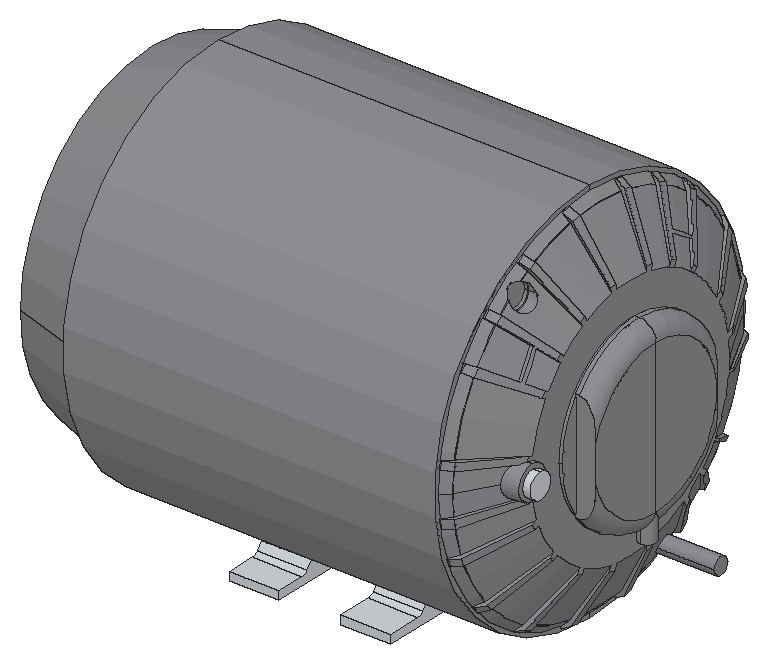
Revit family
Parameters (values of type "610 X 480")
  Outlet Pipe Radius = Outlet Pipe Diameter / 2  # 10 mm
  Heater Diameter = Height - 10 mm  # 470 mm
  Inlet Pipe Radius = Inlet Pipe Diameter / 2  # 10 mm
  Outlet Pipe Diameter = 20 mm
  Inlet Pipe Diameter = 20 mm
  URL = "http://www.autospec.co.za/browse.php?id=1937216687"
  Product Code = "ESG-050"
  Operating Pressure = 600 kPa
  OmniClass Title = ""
  OmniClass Number = ""
  Modspec Classification = ""
  Specification = ""
  Material = Galvanised Steel Black
  Mass = "21 Kg"
  Location (revit room) = ""
  Model = "Water Heater Horizontal And Vertical Slimline 600 Dual - 50 Litre"
  Manufacturer = "Kwikot"  # constant formula
  Length = 610 mm
  Height = 480 mm
  Element Rating = 2 kW
  Colour = none
  Capacity = 50.00 L
  Body Finish = none
  Base Mounting CRS = 135 mm
  Assembly Code = "D3010500"
Reference planes
  plane 1 "Center (Front/Back)": y = 0
  plane 2 "Bottom": z = 0
  plane 3 "Center (Left/Right)": x = 0
  plane 4 "Right": x = 610
  plane 5: y = 470
  plane 6 "Top": z = 480
  plane 7: x = 305
  plane 8: x = 530
  plane 9: x = 80
  plane 10: y = 235
  plane 11: x = 372.5
  plane 12: x = 237.5
  plane 13: z = 10
  plane 14: z = 245
  plane 15: y = 347.5
  plane 16: y = 122.5
  plane 17: x = 540
  plane 18: x = 580
Forms (mm)
  Extrusion 1, solid
    sketch origin (372.5, -1524, -304.8) x (0, 0, -1) y (0, -1, 0)
      loop
        line (-304.8, -1616.5) -> (-314.8, -1616.5) -> (-314.8, -1658.567)
        arc (-314.8, -1658.567) -> (-315.737, -1662.793) -> (-318.372, -1666.227) r 10
        line (-318.372, -1666.227) -> (-326.501, -1673.048)
        arc (-326.501, -1673.048) -> (-341.785, -1692.264) -> (-329.45, -1713.493) r 21.769
        arc (-329.45, -1713.493) -> (-325.46, -1776.227) -> (-338.982, -1837.617) r 225
        arc (-338.982, -1837.617) -> (-338.897, -1845.003) -> (-336.033, -1851.811) r 19.225
        line (-336.033, -1851.811) -> (-318.372, -1858.633)
        arc (-318.372, -1858.633) -> (-315.737, -1862.067) -> (-314.8, -1866.293) r 10
        line (-314.8, -1866.293) -> (-314.8, -1901.5) -> (-304.8, -1901.5) -> (-304.8, -1616.5)
    from -30 to 30
  Extrusion 2, solid, material "Galvanised Steel Black" <- "Material"
    sketch origin (610, -298.705, 1200) x (0, -1, 0) y (0, 0, 1)
      loop
        circle (-533.705, -955) r 110
    from 25 to 30
  Extrusion 3, solid, material "Galvanised Steel Black" <- "Material"
    sketch origin (540, -115.422, 1200) x (0, -1, 0) y (0, 0, 1)
      loop
        circle (-430.422, -1135) r 10
    from -85 to 0
  Extrusion 4, solid, material "Galvanised Steel Black" <- "Material"
    sketch origin (4267.2, -58.321, 240) x (0, -1, 0) y (1, 0, 0)
      loop
        circle (-293.321, -3667.2) r 10
    from -85 to -120
  Revolve 5, solid, material "Galvanised Steel Black" <- "Material"
    sketch origin (4267.2, 235, 635.249) x (0, 0, 1) y (1, 0, 0)
      loop
        line (-390.249, -4187.2) -> (-155.249, -4187.2) -> (-155.249, -3737.2) -> (-390.249, -3737.2) -> (-390.249, -4187.2)
      axis (-390.249, -3737.2) -> (-390.249, -4187.2)
    angle from 0 to 360
  Extrusion 6, solid
    sketch origin (237.5, -1524, -304.8) x (0, 0, -1) y (0, -1, 0)
      loop
        line (-314.8, -1901.5) -> (-304.8, -1901.5) -> (-304.8, -1616.5) -> (-314.8, -1616.5) -> (-314.8, -1651.707)
        arc (-314.8, -1651.707) -> (-315.737, -1655.933) -> (-318.372, -1659.367) r 10
        line (-318.372, -1659.367) -> (-326.501, -1666.189)
        arc (-326.501, -1666.189) -> (-329.74, -1671.289) -> (-329.45, -1677.325) r 10
        arc (-329.45, -1677.325) -> (-314.8, -1759) -> (-329.45, -1840.675) r 235
        arc (-329.45, -1840.675) -> (-329.74, -1846.711) -> (-326.501, -1851.811) r 10
        line (-326.501, -1851.811) -> (-318.372, -1858.633)
        arc (-318.372, -1858.633) -> (-315.737, -1862.067) -> (-314.8, -1866.293) r 10
        line (-314.8, -1866.293) -> (-314.8, -1901.5)
    from -30 to 30
  Revolve 7, solid, material "Galvanised Steel Black" <- "Material"
    sketch origin (4267.2, 235, 635.249) x (0, 0, 1) y (1, 0, 0)
      loop
        line (-390.249, -3682.2) -> (-277.749, -3682.2) -> (-277.749, -3677.2)
        arc (-277.749, -3677.2) -> (-283.606, -3663.058) -> (-297.749, -3657.2) r 20
        line (-297.749, -3657.2) -> (-390.249, -3657.2) -> (-390.249, -3682.2)
      axis (-390.249, -3682.2) -> (-390.249, -3657.2)
    angle from 0 to 360
  Blend 8, solid, material "Galvanised Steel Black" <- "Material"
    base sketch origin (80, -115.422, 1200) x (0, -1, 0) y (0, 0, 1)
      loop
        circle (-350.422, -955) r 225
    top sketch origin (80, -115.422, 1200) x (0, -1, 0) y (0, 0, 1)
      loop
        circle (-350.422, -955) r 200
    from 0 to 80
  Blend 9, solid, material "Galvanised Steel Black" <- "Material"
    base sketch origin (540, -115.422, 1200) x (0, -1, 0) y (0, 0, 1)
      loop
        circle (-350.422, -955) r 220
    top sketch origin (540, -115.422, 1200) x (0, -1, 0) y (0, 0, 1)
      loop
        circle (-350.422, -955) r 150
    from 0 to -40
  Extrusion 10, void
    sketch origin (610, -298.705, 1200) x (0, 1, 0) y (0, 0, 1)
      loop
        arc (443.705, -887.5) -> (421.205, -955) -> (443.705, -1022.5) r 112.5
        line (443.705, -1022.5) -> (443.705, -887.5)
      loop
        arc (626.49, -1021.286) -> (643.004, -989.955) -> (648.705, -955) r 110
        arc (648.705, -955) -> (643.007, -919.65) -> (626.49, -887.881) r 112.5
        line (626.49, -887.881) -> (626.49, -1021.286)
    from 0 to -25
  Extrusion 11, solid, material "Galvanised Steel Black" <- "Material"
    sketch origin (540, -115.422, 1200) x (0, -1, 0) y (0, 0, 1)
      loop
        line (-373.887, -806.847) -> (-386.402, -727.832)
        arc (-386.402, -727.832) -> (-391.349, -728.671) -> (-396.277, -729.617) r 230
        line (-396.277, -729.617) -> (-380.327, -808.011)
        arc (-380.327, -808.011) -> (-377.114, -807.394) -> (-373.887, -806.847) r 150
    from 10 to -40
  Extrusion 12, solid, material "Galvanised Steel Black" <- "Material"
    sketch origin (540, 886.843, 1025.975) x (0, -0.5, 0.866025) y (0, 0.866025, 0.5)
      loop
        line (-399.257, -813.172) -> (-425.303, -737.531)
        arc (-425.303, -737.531) -> (-430.029, -739.216) -> (-434.717, -741.004) r 230
        line (-434.717, -741.004) -> (-405.397, -815.437)
        arc (-405.397, -815.437) -> (-402.34, -814.271) -> (-399.257, -813.172) r 150
      loop
        line (-350.422, -805) -> (-350.422, -725)
        arc (-350.422, -725) -> (-355.44, -725.055) -> (-360.455, -725.219) r 230
        line (-360.455, -725.219) -> (-356.965, -805.143)
        arc (-356.965, -805.143) -> (-353.694, -805.036) -> (-350.422, -805) r 150
    from 10 to -40
  Extrusion 13, solid, material "Galvanised Steel Black" <- "Material"
    sketch origin (540, 1190, 595.422) x (0, 0, 1) y (0, 1, 0)
      loop
        line (-428.238, -826.763) -> (-469.74, -758.37)
        arc (-469.74, -758.37) -> (-471.878, -759.683) -> (-474.001, -761.02) r 230
        line (-474.001, -761.02) -> (-431.017, -828.491)
        arc (-431.017, -828.491) -> (-429.632, -827.62) -> (-428.238, -826.763) r 150
      loop
        line (-363.496, -805.571) -> (-370.468, -725.875)
        arc (-370.468, -725.875) -> (-372.966, -726.108) -> (-375.462, -726.367) r 230
        line (-375.462, -726.367) -> (-366.752, -805.892)
        arc (-366.752, -805.892) -> (-365.125, -805.722) -> (-363.496, -805.571) r 150
    from 10 to -40
  Extrusion 14, solid, material "Galvanised Steel Black" <- "Material"
    sketch origin (540, 1237.265, 70.975) x (0, 0.5, 0.866025) y (0, 0.866025, -0.5)
      loop
        line (-413.815, -819.054) -> (-447.624, -746.549)
        arc (-447.624, -746.549) -> (-452.149, -748.719) -> (-456.624, -750.988) r 230
        line (-456.624, -750.988) -> (-419.684, -821.948)
        arc (-419.684, -821.948) -> (-416.765, -820.469) -> (-413.815, -819.054) r 150
      loop
        line (-384.165, -808.844) -> (-402.161, -730.895)
        arc (-402.161, -730.895) -> (-407.037, -732.077) -> (-411.887, -733.365) r 230
        line (-411.887, -733.365) -> (-390.508, -810.455)
        arc (-390.508, -810.455) -> (-387.345, -809.615) -> (-384.165, -808.844) r 150
    from 10 to -40
  Extrusion 15, solid, material "Galvanised Steel Black" <- "Material"
    sketch origin (540, 585.422, -710) x (0, 1, 0) y (0, 0, -1)
      loop
        line (-373.887, -806.847) -> (-386.402, -727.832)
        arc (-386.402, -727.832) -> (-391.349, -728.671) -> (-396.277, -729.617) r 230
        line (-396.277, -729.617) -> (-380.327, -808.011)
        arc (-380.327, -808.011) -> (-377.114, -807.394) -> (-373.887, -806.847) r 150
      loop
        arc (-326.957, -806.847) -> (-323.731, -807.394) -> (-320.517, -808.011) r 150
        line (-320.517, -808.011) -> (-304.568, -729.617)
        arc (-304.568, -729.617) -> (-309.495, -728.671) -> (-314.442, -727.832) r 230
        line (-314.442, -727.832) -> (-326.957, -806.847)
    from 10 to -40
  Extrusion 16, solid, material "Galvanised Steel Black" <- "Material"
    sketch origin (540, 60.975, -757.265) x (0, 0.866025, -0.5) y (0, -0.5, -0.866025)
      loop
        line (-346.234, -805.058) -> (-344, -725.09)
        arc (-344, -725.09) -> (-349.017, -725.004) -> (-354.035, -725.028) r 230
        line (-354.035, -725.028) -> (-352.778, -805.019)
        arc (-352.778, -805.019) -> (-349.506, -805.003) -> (-346.234, -805.058) r 150
    from 10 to -40
  Extrusion 17, solid, material "Galvanised Steel Black" <- "Material"
    sketch origin (540, -416.843, -535.975) x (0, 0.5, -0.866025) y (0, -0.866025, -0.5)
      loop
        line (-372.594, -806.648) -> (-384.418, -727.526)
        arc (-384.418, -727.526) -> (-389.373, -728.322) -> (-394.308, -729.226) r 230
        line (-394.308, -729.226) -> (-379.044, -807.756)
        arc (-379.044, -807.756) -> (-375.825, -807.167) -> (-372.594, -806.648) r 150
      loop
        line (-320.763, -807.961) -> (-304.945, -729.541)
        arc (-304.945, -729.541) -> (-309.874, -728.603) -> (-314.822, -727.772) r 230
        line (-314.822, -727.772) -> (-327.205, -806.808)
        arc (-327.205, -806.808) -> (-323.978, -807.349) -> (-320.763, -807.961) r 150
    from 10 to -40
  Extrusion 18, solid, material "Galvanised Steel Black" <- "Material"
    sketch origin (540, -720, -105.422) x (0, 0, -1) y (0, -1, 0)
      loop
        line (-326.311, -806.951) -> (-313.451, -727.991)
        arc (-313.451, -727.991) -> (-318.412, -727.238) -> (-323.389, -726.594) r 230
        line (-323.389, -726.594) -> (-332.792, -806.04)
        arc (-332.792, -806.04) -> (-329.546, -806.46) -> (-326.311, -806.951) r 150
      loop
        arc (-374.534, -806.951) -> (-371.298, -806.46) -> (-368.053, -806.04) r 150
        line (-368.053, -806.04) -> (-377.456, -726.594)
        arc (-377.456, -726.594) -> (-382.432, -727.238) -> (-387.393, -727.991) r 230
        line (-387.393, -727.991) -> (-374.534, -806.951)
    from 10 to -40
  Extrusion 19, solid, material "Galvanised Steel Black" <- "Material"
    sketch origin (540, -767.265, 419.025) x (0, -0.5, -0.866025) y (0, -0.866025, 0.5)
      loop
        line (-389.245, -810.111) -> (-397.144, -780.63) -> (-361.221, -778.433) -> (-359.579, -805.28)
        arc (-359.579, -805.28) -> (-356.311, -805.116) -> (-353.04, -805.023) r 150
        line (-353.04, -805.023) -> (-354.436, -725.035)
        arc (-354.436, -725.035) -> (-359.452, -725.177) -> (-364.463, -725.429) r 230
        line (-364.463, -725.429) -> (-361.405, -775.439) -> (-397.937, -777.673) -> (-409.951, -732.837)
        arc (-409.951, -732.837) -> (-414.783, -734.189) -> (-419.585, -735.645) r 230
        line (-419.585, -735.645) -> (-395.528, -811.942)
        arc (-395.528, -811.942) -> (-392.397, -810.993) -> (-389.245, -810.111) r 150
    from 10 to -40
  Extrusion 20, solid, material "Galvanised Steel Black" <- "Material"
    sketch origin (540, -545.975, 896.843) x (0, -0.866025, -0.5) y (0, -0.5, 0.866025)
      loop
        line (-399.257, -813.172) -> (-425.303, -737.531)
        arc (-425.303, -737.531) -> (-430.029, -739.216) -> (-434.717, -741.004) r 230
        line (-434.717, -741.004) -> (-405.397, -815.437)
        arc (-405.397, -815.437) -> (-402.34, -814.271) -> (-399.257, -813.172) r 150
      loop
        line (-353.04, -805.023) -> (-354.436, -725.035)
        arc (-354.436, -725.035) -> (-359.452, -725.177) -> (-364.463, -725.429) r 230
        line (-364.463, -725.429) -> (-359.579, -805.28)
        arc (-359.579, -805.28) -> (-356.311, -805.116) -> (-353.04, -805.023) r 150
    from 10 to -40
  Revolve 21, void
    sketch origin (4267.2, 235, 635.249) x (0, 0, 1) y (1, 0, 0)
      loop
        line (-233.448, -3687.2) -> (-158.904, -3727.2) -> (-158.904, -3687.2) -> (-233.448, -3687.2)
      axis (-390.249, -3727.2) -> (-390.249, -3687.2)
    angle from 0 to 360
  Blend 22, solid, material "Galvanised Steel Black" <- "Material"
    base sketch origin (580, -1524, -304.8) x (0, 0, -1) y (0, -1, 0)
      loop
        circle (-549.8, -1603.132) r 20
    top sketch origin (580, -1524, -304.8) x (0, 0, -1) y (0, -1, 0)
      loop
        circle (-549.8, -1603.132) r 22.5
    from -5 to 18
  Blend 23, solid, material "Galvanised Steel Black"
    base sketch origin (530, -399, 1200) x (0, -1, 0) y (0, 0, 1)
      loop
        circle (-634, -955) r 230
    top sketch origin (530, -399, 1200) x (0, -1, 0) y (0, 0, 1)
      loop
        circle (-634, -955) r 220
    from 0 to -10
  Revolve 24, void
    sketch origin (4267.2, 235, 635.249) x (0, 0, 1) y (1, 0, 0)
      loop
        line (-167.22, -3722.2) -> (-159.15, -3736.178) -> (-159.15, -3722.2) -> (-167.22, -3722.2)
      axis (-390.249, -3736.178) -> (-390.249, -3722.2)
    angle from 0 to 360
  Extrusion 25, solid, material "Galvanised Steel Black" <- "Material"
    sketch origin (540, 1237.265, 419.025) x (0, 0.5, -0.866025) y (0, -0.866025, -0.5)
      loop
        arc (-434.843, 831.012) -> (-437.528, 832.883) -> (-440.171, 834.812) r 150
        line (-440.171, 834.812) -> (-488.037, 770.712)
        arc (-488.037, 770.712) -> (-483.984, 767.753) -> (-479.867, 764.884) r 230
        line (-479.867, 764.884) -> (-453.743, 803.253) -> (-420.856, 787.035) -> (-439.366, 742.894)
        arc (-439.366, 742.894) -> (-434.717, 741.004) -> (-430.029, 739.216) r 230
        line (-430.029, 739.216) -> (-402.34, 814.271)
        arc (-402.34, 814.271) -> (-405.397, 815.437) -> (-408.429, 816.67) r 150
        line (-408.429, 816.67) -> (-419.681, 789.836) -> (-452.02, 805.783) -> (-434.843, 831.012)
    from 10 to -40
  Extrusion 26, solid
    sketch origin (585, -1524, -304.8) x (0, 0, 1) y (0, -1, 0)
      loop
        circle (549.8, -1603.132) r 15
    from 0 to 10
  Extrusion 27, void
    sketch origin (540, -115.422, 1200) x (0, 1, 0) y (0, 0, 1)
      loop
        circle (229.589, -783.355) r 15
    from -5 to 30
Cuts and joins
  Extrusion 10 cuts Extrusion 4
  Extrusion 10 cuts Revolve 7
  joined: Extrusion 4, Revolve 7
  Revolve 21, Extrusion 27 cuts Revolve 5
  Revolve 21, Extrusion 27 cuts Blend 9
  Revolve 21, Revolve 24, Extrusion 27 cuts Extrusion 11
  Revolve 21, Revolve 24, Extrusion 27 cuts Extrusion 12
  Revolve 21, Revolve 24, Extrusion 27 cuts Extrusion 13
  Revolve 21, Revolve 24, Extrusion 27 cuts Extrusion 14
  Revolve 21, Revolve 24, Extrusion 27 cuts Extrusion 15
  Revolve 21, Revolve 24, Extrusion 27 cuts Extrusion 16
  Revolve 21, Revolve 24, Extrusion 27 cuts Extrusion 17
  Revolve 21, Revolve 24, Extrusion 27 cuts Extrusion 18
  Revolve 21, Revolve 24, Extrusion 27 cuts Extrusion 19
  Revolve 21, Revolve 24, Extrusion 27 cuts Extrusion 20
  Extrusion 27 cuts Blend 22
  joined: Revolve 5, Blend 9, Extrusion 11, Extrusion 12, Extrusion 13, Extrusion 14, Extrusion 15, Extrusion 16, Extrusion 17, Extrusion 18, Extrusion 19, Extrusion 20, Blend 22
  Revolve 21 cuts Extrusion 2
  Revolve 24 cuts Extrusion 3
  Revolve 24, Extrusion 27 cuts Blend 23
  Revolve 21, Revolve 24 cuts Extrusion 25
Lines and regions (mm)
  symbolic lines
    curve 1: line (80, 470, 480) -> (80, 0, 480)
    curve 2: line (530, 470, 480) -> (530, 0, 480)
    curve 3: line (585, 125, 480) -> (585, 345, 480)
    curve 4: line (610, 145, 480) -> (610, 327.785, 480)
    curve 5: line (80, 470, 480) -> (530, 470, 480)
    curve 6: line (80, 0, 480) -> (530, 0, 480)
    curve 7: line (585, 125, 480) -> (580, 125, 480)
    curve 8: line (585, 345, 480) -> (580, 345, 480)
    curve 9: line (585, 145, 480) -> (610, 145, 480)
    curve 10: line (585, 327.785, 480) -> (610, 327.785, 480)
    curve 11: line (0, 435, 480) -> (0, 35, 480)
    curve 12: line (540, 455, 480) -> (540, 15, 480)
    curve 13: line (580, 85.229, 480) -> (580, 387.223, 480)
    curve 14: line (540, 455, 480) -> (580, 387.223, 480)
    curve 15: line (540, 15, 480) -> (580, 85.229, 480)
    curve 16: line (0, 435, 480) -> (80, 460.005, 480)
    curve 17: line (0, 35, 480) -> (80, 10.01, 480)
    curve 18: line (625, 305, 480) -> (625, 325, 480)
    curve 19: line (625, 325, 480) -> (580, 325, 480)
    curve 20: line (625, 305, 480) -> (580, 305, 480)
    curve 21: line (540, 455, 480) -> (530, 465, 480)
    curve 22: line (540, 15, 480) -> (530, 5, 480)
    curve 23: line (595, 64.132, 480) -> (595, 94.132, 480)
    curve 24: line (585, 59.132, 480) -> (585, 99.132, 480)
    curve 25: line (595, 94.132, 480) -> (585, 94.132, 480)
    curve 26: line (595, 64.132, 480) -> (585, 64.132, 480)
    curve 27: line (585, 99.132, 480) -> (580, 99.746, 480)
    curve 28: line (585, 59.132, 480) -> (563.91, 56.842, 480)
    curve 29: arc (600, 225, 480) -> (610, 235, 480) -> (600, 245, 480) r 10
    curve 30: arc (600, 245, 480) -> (590, 235, 480) -> (600, 225, 480) r 10
Dimensions and locks
  "Length": plane 3 "Center (Left/Right)" to plane 4 "Right"
  "Height": plane 6 "Top" to plane 2 "Bottom"
  equal spacing: plane 3 "Center (Left/Right)", plane 7, plane 4 "Right"
  plane 8 to plane 4 "Right" = 80 mm
  plane 3 "Center (Left/Right)" to plane 9 = 80 mm
  "Base Mounting CRS": plane 12 to plane 11
  equal spacing: plane 12, plane 7, plane 11
  Extrusion 3 sketch curve to plane 2 "Bottom" = 65 mm
  Extrusion 3 sketch curve to plane 5 = 155 mm
  Extrusion 4 sketch curve to plane 4 "Right" = 10 mm
  "Heater Diameter": plane 6 "Top" to plane 13
  equal spacing: plane 6 "Top", plane 14, plane 13
  "Heater Diameter": plane 1 "Center (Front/Back)" to plane 5
  equal spacing: plane 1 "Center (Front/Back)", plane 10, plane 5
  plane 16 to plane 15 = 225 mm
  plane 15 to plane 16 = 225 mm
  equal spacing: plane 15, plane 10, plane 16
  plane 18 to plane 4 "Right" = 30 mm
  plane 17 to plane 18 = 40 mm
  "Inlet Pipe Radius": radius of Extrusion 3 sketch curve
  aligned and locked: level to plane 2 "Bottom"
  aligned and locked: level to Extrusion 1 sketch curve
  aligned: Extrusion 2 to Extrusion 3
  aligned: Extrusion 3 to plane 4 "Right"
  aligned and locked: plane 10 to Extrusion 4 sketch curve
  aligned and locked: curve 3 to Extrusion 2
  aligned and locked: plane 14 to Revolve 5 sketch curve
  aligned and locked: Revolve 5 sketch curve to plane 9
  aligned and locked: Revolve 5 sketch curve to plane 6 "Top"
  aligned and locked: plane 8 to Revolve 5 sketch curve
  aligned and locked: Revolve 5 sketch curve to plane 14
  aligned and locked: plane 1 "Center (Front/Back)" to curve 6
  aligned and locked: Extrusion 6 sketch curve to Extrusion 1  (x5)
  aligned and locked: plane 14 to Extrusion 2 sketch curve
  aligned and locked: plane 10 to Extrusion 2 sketch curve
  aligned and locked: Revolve 7 sketch curve to Extrusion 2  (x2)
  aligned and locked: plane 4 "Right" to Revolve 7 sketch curve
  aligned and locked: plane 14 to Revolve 7 sketch curve
  aligned and locked: plane 17 to Blend 9
  aligned and locked: Extrusion 10 sketch curve to cut or joined group of Extrusion 4, Revolve 7, Extrusion 10
  aligned and locked: Extrusion 10 to Extrusion 2
  aligned and locked: plane 14 to Revolve 21 sketch curve
  aligned: cut or joined group of Revolve 5, Blend 9, Extrusion 11, Extrusion 12, Extrusion 13, Extrusion 14, Extrusion 15, Extrusion 16, Extrusion 17, Extrusion 18, Extrusion 19, Extrusion 20, Revolve 21, Blend 22, Revolve 24, Extrusion 27 to plane 18
  aligned: plane 18 to cut or joined group of Extrusion 2, Revolve 21
  aligned and locked: curve 29 to cut or joined group of Extrusion 4, Revolve 7, Extrusion 10
  aligned and locked: curve 30 to cut or joined group of Extrusion 4, Revolve 7, Extrusion 10
Automatic sketch dimensions
  Extrusion 1 sketch curve to plane 10 = 0 mm
  Extrusion 1 sketch curve to plane 14 = 0 mm
  Extrusion 1 sketch curve to plane 13 = 0 mm  (x2)
  plane 13 to Extrusion 1 sketch curve = 24.182 mm
  Extrusion 1 sketch curve to Extrusion 1 sketch curve = 2.949 mm
  plane 13 to Extrusion 1 sketch curve = 14.65 mm
  plane 13 to Extrusion 1 sketch curve = 11.701 mm
  plane 13 to Extrusion 1 sketch curve = 10 mm  (x2)
  plane 13 to Extrusion 1 sketch curve = 5.273 mm  (x2)
  plane 13 to Extrusion 1 sketch curve = 3.572 mm  (x2)
  plane 10 to Extrusion 1 sketch curve = 78.617 mm
  Extrusion 1 sketch curve to Extrusion 1 sketch curve = 3.476 mm
  Extrusion 1 sketch curve to plane 15 = 12.867 mm
  plane 15 to Extrusion 1 sketch curve = 30 mm
  Extrusion 1 sketch curve to Extrusion 1 sketch curve = 19.646 mm
  Extrusion 1 sketch curve to Extrusion 1 sketch curve = 6.821 mm
  Extrusion 1 sketch curve to plane 16 = 30 mm
  Revolve 5 sketch curve to plane 3 "Center (Left/Right)" = 30 mm
  Revolve 5 sketch curve to plane 4 "Right" = 40 mm
  Extrusion 6 sketch curve to plane 10 = 0 mm
  Extrusion 6 sketch curve to plane 14 = 0 mm
  plane 13 to Extrusion 6 sketch curve = 14.65 mm  (x2)
  Extrusion 6 sketch curve to Extrusion 6 sketch curve = 0 mm  (x2)
  Extrusion 6 sketch curve to Extrusion 6 sketch curve = 2.949 mm  (x2)
  plane 16 to Extrusion 6 sketch curve = 5.207 mm
  Extrusion 6 sketch curve to Extrusion 6 sketch curve = 10 mm
  plane 13 to Extrusion 6 sketch curve = 5.273 mm  (x2)
  plane 13 to Extrusion 6 sketch curve = 3.572 mm  (x2)
  Extrusion 6 sketch curve to Extrusion 6 sketch curve = 6.821 mm
  Blend 8 sketch curve to plane 10 = 0 mm  (x2)
  Blend 8 sketch curve to plane 14 = 0 mm  (x2)
  Blend 9 sketch curve to plane 10 = 0 mm  (x2)
  Blend 9 sketch curve to plane 14 = 0 mm  (x2)
  plane 16 to Extrusion 10 sketch curve = 22.5 mm
  Extrusion 11 sketch curve to Extrusion 11 sketch curve = 0 mm  (x4)
  plane 10 to Extrusion 11 sketch curve = 23.465 mm
  Extrusion 11 sketch curve to Extrusion 11 sketch curve = 6.44 mm
  Extrusion 11 sketch curve to plane 6 "Top" = 7.832 mm
  plane 10 to Extrusion 11 sketch curve = 35.98 mm
  Extrusion 11 sketch curve to plane 6 "Top" = 9.617 mm
  Extrusion 13 sketch curve to Extrusion 13 sketch curve = 0 mm  (x12)
  Extrusion 13 sketch curve to plane 10 = 0 mm
  Extrusion 13 sketch curve to plane 14 = 0 mm
  Extrusion 13 sketch curve to plane 14 = 13.073 mm
  Extrusion 13 sketch curve to Extrusion 13 sketch curve = 3.257 mm
  Extrusion 13 sketch curve to plane 5 = 5.875 mm
  Extrusion 13 sketch curve to plane 14 = 20.046 mm
  Extrusion 13 sketch curve to plane 5 = 6.367 mm
  plane 15 to Extrusion 13 sketch curve = 15.737 mm
  Extrusion 13 sketch curve to Extrusion 13 sketch curve = 61.486 mm
  Extrusion 13 sketch curve to Extrusion 13 sketch curve = 2.779 mm
  Extrusion 13 sketch curve to plane 5 = 38.37 mm
  Extrusion 13 sketch curve to Extrusion 13 sketch curve = 41.502 mm
  Extrusion 13 sketch curve to Extrusion 13 sketch curve = 4.261 mm
  plane 15 to Extrusion 13 sketch curve = 36.608 mm
  Extrusion 14 sketch curve to Extrusion 14 sketch curve = 0 mm  (x12)
  Extrusion 14 sketch curve to plane 10 = 0 mm
  Extrusion 14 sketch curve to plane 14 = 0 mm
  Extrusion 14 sketch curve to Extrusion 14 sketch curve = 33.743 mm
  Extrusion 14 sketch curve to Extrusion 14 sketch curve = 6.343 mm
  Extrusion 14 sketch curve to Extrusion 14 sketch curve = 17.996 mm
  Extrusion 14 sketch curve to Extrusion 14 sketch curve = 9.726 mm
  Extrusion 14 sketch curve to Extrusion 14 sketch curve = 23.307 mm
  Extrusion 14 sketch curve to Extrusion 14 sketch curve = 5.87 mm
  Extrusion 14 sketch curve to Extrusion 14 sketch curve = 35.737 mm
  Extrusion 14 sketch curve to Extrusion 14 sketch curve = 9 mm
  Extrusion 14 sketch curve to Extrusion 14 sketch curve = 133.052 mm
  Extrusion 14 sketch curve to Extrusion 14 sketch curve = 8.598 mm
  Extrusion 14 sketch curve to Extrusion 14 sketch curve = 70.961 mm
  Extrusion 14 sketch curve to Extrusion 14 sketch curve = 13.184 mm
  Extrusion 15 sketch curve to Extrusion 15 sketch curve = 0 mm  (x12)
  Extrusion 15 sketch curve to plane 10 = 0 mm
  Extrusion 15 sketch curve to plane 14 = 0 mm
  Extrusion 15 sketch curve to plane 10 = 23.465 mm
  Extrusion 15 sketch curve to Extrusion 15 sketch curve = 6.44 mm  (x2)
  plane 13 to Extrusion 15 sketch curve = 7.832 mm  (x2)
  Extrusion 15 sketch curve to plane 10 = 35.98 mm
  plane 13 to Extrusion 15 sketch curve = 9.617 mm  (x2)
  plane 10 to Extrusion 15 sketch curve = 23.465 mm
  plane 10 to Extrusion 15 sketch curve = 35.98 mm
  Extrusion 15 sketch curve to Extrusion 15 sketch curve = 78.394 mm
  Extrusion 15 sketch curve to Extrusion 15 sketch curve = 1.165 mm
  Extrusion 16 sketch curve to Extrusion 16 sketch curve = 0 mm  (x2)
  Extrusion 16 sketch curve to plane 10 = 0 mm
  Extrusion 16 sketch curve to plane 14 = 0 mm
  Extrusion 16 sketch curve to Extrusion 16 sketch curve = 2.356 mm
  Extrusion 16 sketch curve to Extrusion 16 sketch curve = 1.257 mm
  Extrusion 16 sketch curve to Extrusion 16 sketch curve = 6.544 mm
  Extrusion 16 sketch curve to Extrusion 16 sketch curve = 10.035 mm
  Extrusion 16 sketch curve to Extrusion 16 sketch curve = 149.942 mm
  Extrusion 16 sketch curve to Extrusion 16 sketch curve = 79.969 mm
  Extrusion 17 sketch curve to Extrusion 17 sketch curve = 0 mm  (x12)
  Extrusion 17 sketch curve to plane 10 = 0 mm
  Extrusion 17 sketch curve to plane 14 = 0 mm
  Extrusion 17 sketch curve to Extrusion 17 sketch curve = 22.171 mm
  Extrusion 17 sketch curve to Extrusion 17 sketch curve = 6.45 mm
  Extrusion 17 sketch curve to Extrusion 17 sketch curve = 11.825 mm
  Extrusion 17 sketch curve to Extrusion 17 sketch curve = 9.89 mm
  Extrusion 17 sketch curve to Extrusion 17 sketch curve = 45.389 mm
  Extrusion 17 sketch curve to Extrusion 17 sketch curve = 6.442 mm
  Extrusion 17 sketch curve to Extrusion 17 sketch curve = 69.596 mm
  Extrusion 17 sketch curve to Extrusion 17 sketch curve = 9.878 mm
  Extrusion 17 sketch curve to Extrusion 17 sketch curve = 147.039 mm
  Extrusion 17 sketch curve to Extrusion 17 sketch curve = 0.948 mm
  Extrusion 17 sketch curve to Extrusion 17 sketch curve = 78.421 mm
  Extrusion 17 sketch curve to Extrusion 17 sketch curve = 1.454 mm
  Extrusion 18 sketch curve to Extrusion 18 sketch curve = 0 mm  (x12)
  Extrusion 18 sketch curve to plane 10 = 0 mm
  Extrusion 18 sketch curve to plane 14 = 0 mm
  plane 14 to Extrusion 18 sketch curve = 17.631 mm
  Extrusion 18 sketch curve to Extrusion 18 sketch curve = 6.481 mm  (x2)
  Extrusion 18 sketch curve to plane 1 "Center (Front/Back)" = 6.594 mm  (x2)
  plane 14 to Extrusion 18 sketch curve = 27.034 mm
  Extrusion 18 sketch curve to plane 1 "Center (Front/Back)" = 7.991 mm  (x2)
  Extrusion 18 sketch curve to plane 14 = 17.631 mm
  Extrusion 18 sketch curve to plane 14 = 27.034 mm
  Extrusion 18 sketch curve to plane 16 = 35.549 mm  (x2)
  Extrusion 19 sketch curve to Extrusion 19 sketch curve = 0 mm  (x12)
  Extrusion 19 sketch curve to plane 10 = 0 mm
  Extrusion 19 sketch curve to plane 14 = 0 mm
  Extrusion 19 sketch curve to Extrusion 19 sketch curve = 2.618 mm
  Extrusion 19 sketch curve to Extrusion 19 sketch curve = 1.396 mm
  Extrusion 19 sketch curve to Extrusion 19 sketch curve = 6.539 mm
  Extrusion 19 sketch curve to Extrusion 19 sketch curve = 1.642 mm
  Extrusion 19 sketch curve to Extrusion 19 sketch curve = 0.183 mm
  Extrusion 19 sketch curve to Extrusion 19 sketch curve = 10.027 mm
  Extrusion 19 sketch curve to Extrusion 19 sketch curve = 29.666 mm
  Extrusion 19 sketch curve to Extrusion 19 sketch curve = 6.283 mm
  Extrusion 19 sketch curve to Extrusion 19 sketch curve = 7.899 mm
  Extrusion 19 sketch curve to Extrusion 19 sketch curve = 0.792 mm
  Extrusion 19 sketch curve to Extrusion 19 sketch curve = 45.487 mm
  Extrusion 19 sketch curve to Extrusion 19 sketch curve = 9.634 mm
  Extrusion 19 sketch curve to Extrusion 19 sketch curve = 143.058 mm
  Extrusion 19 sketch curve to Extrusion 19 sketch curve = 4.831 mm
  Extrusion 19 sketch curve to Extrusion 19 sketch curve = 29.481 mm
  Extrusion 19 sketch curve to Extrusion 19 sketch curve = 2.957 mm
  Extrusion 19 sketch curve to Extrusion 19 sketch curve = 2.994 mm
  Extrusion 19 sketch curve to Extrusion 19 sketch curve = 42.028 mm
  Extrusion 20 sketch curve to Extrusion 20 sketch curve = 0 mm  (x12)
  Extrusion 20 sketch curve to plane 10 = 0 mm
  Extrusion 20 sketch curve to plane 14 = 0 mm
  Extrusion 20 sketch curve to Extrusion 20 sketch curve = 2.618 mm
  Extrusion 20 sketch curve to Extrusion 20 sketch curve = 1.396 mm
  Extrusion 20 sketch curve to Extrusion 20 sketch curve = 6.539 mm
  Extrusion 20 sketch curve to Extrusion 20 sketch curve = 10.027 mm
  Extrusion 20 sketch curve to Extrusion 20 sketch curve = 39.678 mm
  Extrusion 20 sketch curve to Extrusion 20 sketch curve = 6.14 mm
  Extrusion 20 sketch curve to Extrusion 20 sketch curve = 60.84 mm
  Extrusion 20 sketch curve to Extrusion 20 sketch curve = 9.415 mm
  Extrusion 20 sketch curve to Extrusion 20 sketch curve = 139.563 mm
  Extrusion 20 sketch curve to Extrusion 20 sketch curve = 7.892 mm
  Extrusion 20 sketch curve to Extrusion 20 sketch curve = 74.433 mm
  Extrusion 20 sketch curve to Extrusion 20 sketch curve = 12.102 mm
  plane 18 to Revolve 21 sketch curve = 0 mm
  plane 17 to Revolve 21 sketch curve = 0 mm
  Revolve 21 sketch curve to plane 6 "Top" = 78.199 mm
  Revolve 21 sketch curve to plane 6 "Top" = 3.655 mm
  plane 8 to Revolve 21 sketch curve = 30 mm
  Revolve 21 sketch curve to plane 4 "Right" = 30 mm
  Blend 22 sketch curve to plane 14 = 0 mm  (x2)
  Blend 22 sketch curve to plane 16 = 43.368 mm  (x2)
  Blend 23 sketch curve to plane 10 = 0 mm  (x2)
  Blend 23 sketch curve to plane 14 = 0 mm  (x2)
  Revolve 24 sketch curve to plane 14 = 0 mm
  Revolve 24 sketch curve to plane 17 = 5 mm
  Revolve 24 sketch curve to plane 6 "Top" = 11.971 mm
  Revolve 24 sketch curve to plane 8 = 1.022 mm
  Revolve 24 sketch curve to plane 6 "Top" = 3.901 mm
  plane 8 to Revolve 24 sketch curve = 20 mm
  Revolve 24 sketch curve to plane 4 "Right" = 5 mm
  Extrusion 11 sketch curve to plane 10 = 0 mm
  Extrusion 11 sketch curve to plane 14 = 0 mm
  Extrusion 11 sketch curve to Extrusion 11 sketch curve = 78.394 mm
  Extrusion 25 sketch curve to Extrusion 25 sketch curve = 0 mm  (x12)
  Extrusion 25 sketch curve to plane 10 = 0 mm
  Extrusion 25 sketch curve to plane 14 = 0 mm
  Extrusion 25 sketch curve to Extrusion 25 sketch curve = 51.918 mm
  Extrusion 25 sketch curve to Extrusion 25 sketch curve = 6.089 mm
  Extrusion 25 sketch curve to Extrusion 25 sketch curve = 11.252 mm
  Extrusion 25 sketch curve to Extrusion 25 sketch curve = 1.175 mm
  Extrusion 25 sketch curve to Extrusion 25 sketch curve = 9.173 mm
  Extrusion 25 sketch curve to Extrusion 25 sketch curve = 26.414 mm
  Extrusion 25 sketch curve to Extrusion 25 sketch curve = 9.337 mm
  Extrusion 25 sketch curve to Extrusion 25 sketch curve = 5.328 mm
  Extrusion 25 sketch curve to Extrusion 25 sketch curve = 17.177 mm
  Extrusion 25 sketch curve to Extrusion 25 sketch curve = 1.723 mm
  Extrusion 25 sketch curve to Extrusion 25 sketch curve = 40.502 mm
  Extrusion 25 sketch curve to Extrusion 25 sketch curve = 8.17 mm
  Extrusion 25 sketch curve to Extrusion 25 sketch curve = 120.188 mm
  Extrusion 25 sketch curve to Extrusion 25 sketch curve = 14.342 mm
  Extrusion 25 sketch curve to Extrusion 25 sketch curve = 25.228 mm
  Extrusion 25 sketch curve to Extrusion 25 sketch curve = 2.531 mm
  Extrusion 25 sketch curve to Extrusion 25 sketch curve = 26.834 mm
  Extrusion 25 sketch curve to Extrusion 25 sketch curve = 2.801 mm
  Extrusion 25 sketch curve to Extrusion 25 sketch curve = 32.541 mm
  Extrusion 25 sketch curve to Extrusion 25 sketch curve = 21.991 mm
  Extrusion 12 sketch curve to Extrusion 12 sketch curve = 0 mm  (x12)
  Extrusion 12 sketch curve to plane 10 = 0 mm
  Extrusion 12 sketch curve to plane 14 = 0 mm
  Extrusion 12 sketch curve to Extrusion 12 sketch curve = 6.543 mm
  Extrusion 12 sketch curve to Extrusion 12 sketch curve = 10.032 mm
  Extrusion 12 sketch curve to Extrusion 12 sketch curve = 42.292 mm
  Extrusion 12 sketch curve to Extrusion 12 sketch curve = 6.14 mm
  Extrusion 12 sketch curve to Extrusion 12 sketch curve = 64.848 mm
  Extrusion 12 sketch curve to Extrusion 12 sketch curve = 9.415 mm
  Extrusion 12 sketch curve to Extrusion 12 sketch curve = 139.563 mm
  Extrusion 12 sketch curve to Extrusion 12 sketch curve = 8.029 mm
  Extrusion 12 sketch curve to Extrusion 12 sketch curve = 74.433 mm
  Extrusion 12 sketch curve to Extrusion 12 sketch curve = 12.312 mm
  Extrusion 27 sketch curve to plane 16 = 8.334 mm
  Extrusion 27 sketch curve to plane 6 "Top" = 63.355 mm
  Revolve 7 sketch curve to plane 6 "Top" = 142.5 mm
  Revolve 7 sketch curve to plane 18 = 10 mm
  Revolve 7 sketch curve to plane 17 = 15 mm
  Revolve 7 sketch curve to plane 4 "Right" = 15 mm
  Extrusion 10 sketch curve to Extrusion 10 sketch curve = 2.5 mm
  Extrusion 10 sketch curve to Extrusion 10 sketch curve = 0 mm
  Extrusion 10 sketch curve to plane 15 = 19.715 mm
  Extrusion 10 sketch curve to Extrusion 10 sketch curve = 5 mm
  plane 15 to Extrusion 10 sketch curve = 2.5 mm
  curve 10 to plane 4 "Right" = 0 mm
  curve 13 to plane 18 = 0 mm
  curve 12 to plane 17 = 0 mm
  curve 2 to plane 5 = 0 mm
  curve 2 to plane 8 = 0 mm
  curve 5 to plane 9 = 0 mm
  curve 16 to plane 3 "Center (Left/Right)" = 0 mm
  curve 19 to plane 4 "Right" = 15 mm
  plane 4 "Right" to curve 23 = 15 mm
  plane 16 to curve 7 = 2.5 mm
  curve 7 to curve 7 = 5 mm
  curve 26 to plane 18 = 5 mm
  plane 18 to curve 28 = 16.09 mm
  curve 21 to plane 5 = 5 mm
  curve 1 to curve 16 = 9.995 mm
  curve 21 to curve 14 = 10 mm
  curve 16 to plane 5 = 35 mm
  plane 15 to curve 14 = 39.723 mm
  curve 8 to plane 15 = 2.5 mm
  curve 10 to curve 19 = 2.785 mm
  curve 18 to curve 20 = 20 mm
  plane 16 to curve 9 = 22.5 mm
  curve 27 to plane 16 = 22.754 mm
  curve 27 to curve 24 = 0.614 mm
  curve 24 to curve 25 = 5 mm
  curve 25 to curve 15 = 8.903 mm
  curve 13 to curve 26 = 21.097 mm
  curve 26 to curve 28 = 5 mm
  curve 24 to curve 28 = 2.29 mm
  curve 17 to plane 1 "Center (Front/Back)" = 35 mm
  curve 12 to plane 1 "Center (Front/Back)" = 15 mm
  curve 17 to plane 1 "Center (Front/Back)" = 10.01 mm
  curve 22 to plane 1 "Center (Front/Back)" = 5 mm
  curve 4 to plane 15 = 19.715 mm
  radius of Extrusion 2 sketch curve = 110 mm
  radius of Extrusion 4 sketch curve = 10 mm
  radius of Blend 8 sketch curve = 225 mm
  radius of Blend 8 sketch curve = 200 mm
  radius of Blend 9 sketch curve = 220 mm
  radius of Blend 9 sketch curve = 150 mm
  radius of Blend 22 sketch curve = 20 mm
  radius of Blend 22 sketch curve = 22.5 mm
  radius of Blend 23 sketch curve = 230 mm
  radius of Blend 23 sketch curve = 220 mm
  radius of Extrusion 26 sketch curve to Blend 22 = 5 mm
  radius of Extrusion 27 sketch curve = 15 mm
Connectors
  piping at (625, 315, 65), driven by "Inlet Pipe Radius"
    settings: on Extrusion 3, index 2, connector radius 10 mm, flow factor 0, pipe flow 0.0 L/s, pressure drop 0 kPa, fitting loss kfactor 0, connector angle 0.00°, fixture units 0, flow configuration 0, flow direction 1, fitting loss method 0, system type 20, connector reference index -1, connector utility 0, adjustable connector no, is connector primary yes, fitting loss table "", connector description "Inlet Connection"
  electrical at (600, 235, 120), driven by "Element Rating"
    settings: on cut or joined group of Extrusion 4, Revolve 7, Extrusion 10, index 3, voltage 0 V, apparent load 0 kW, apparent load phase1 2 kW, apparent load phase2 0 kW, apparent load phase3 0 kW, power factor 1, load classification "Other", number of poles 1, system type 31, power factor state 1, is connector primary yes, connector utility no, sub classification motor no, connector description ""
